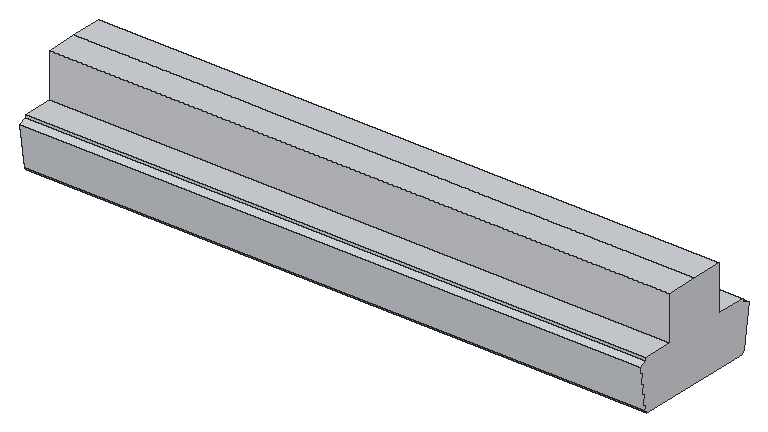
Revit family "KB d=200_Precast-Console Beam_Spæncom", category Structural Framing, Revit 2014
Parameters (values of type "KB38/18")
  Width (bjælkekroppen) = 250 mm  # constant formula
  Structural Material [instance] = none
  Model = "KB 38/18"
  Manufacturer = "Spæncom"
  Length [instance] = 3000 mm
  Height element = 380 mm
  Height (bjælkekroppen) = 180 mm
  Height console = 200 mm  # constant formula
  Width console = 150 mm  # constant formula
  Keynote = ""
  Base width = 500 mm  # constant formula
Types (9, lengths in mm): name | Model | Height element | Height (bjælkekroppen)
  KB38/18 | "KB 38/18" | 380 | 180
  KB42/22 | "KB 42/22" | 420 | 220
  KB47/27 | "KB 47/27" | 470 | 270
  KB52/32 | "KB 52/32" | 520 | 320
  KB57/37 | "KB 57/37" | 570 | 370
  KB50/30 | "KB 50/30" | 500 | 300
  KB60/40 | "KB 60/40" | 600 | 400
  KB70/50 | "KB 70/50" | 700 | 500
  KB80/60 | "KB 80/60" | 800 | 600
Reference planes
  plane 1 "Center (Front/Back)": y = 0
  plane 2 "Center Elevation": z = 0
  plane 3 "Center (Left/Right)": x = 0
  plane 4 "Left": x = -1500
  plane 5 "Member Left": x = -1250
  plane 6 "Stick Symbol Left": x = -1000
  plane 7 "Right": x = 1500
  plane 8 "Member Right": x = 1250
  plane 9 "Stick Symbol Right": x = 1000
  plane 10: z = 0
  plane 11: y = 125
  plane 12: y = -125
  plane 13: z = 200
  plane 14: through (0, 275, 200) normal (0, -0.9923, 0.124)
  plane 15: through (0, -275, 200) normal (0, -0.9923, -0.124)
  plane 16: y = 250
  plane 17: y = -250
  plane 18: y = 125
  plane 19: y = -125
  plane 20: z = 200
  plane 21: through (0, -251.24, 9.923) normal (0, 0.9923, 0.124)
  plane 22: through (0, 271.875, 175) normal (0, -0.9923, 0.124)
Forms (mm)
  Extrusion 1, solid, material <- "Structural Material"
    sketch origin (0, 0, 150) x (0, 1, 0) y (0, 0, 1)
      loop
        line (240, -150) -> (251.24, -140.077) -> (271.875, 25) -> (245, 40) -> (245, 50) -> (125, 50) -> (125, 230) -> (0, 230) -> (-125, 230) -> (-125, 50) -> (-245, 50) -> (-245, 40) -> (-271.875, 25) -> (-251.24, -140.077) -> (-240, -150) -> (240, -150)
    from -1250 to 1250
Dimensions and locks
  equal spacing: plane 4 "Left", plane 3 "Center (Left/Right)", plane 7 "Right"
  "Length": plane 4 "Left" to plane 7 "Right"
  Extrusion 1 sketch curve to Extrusion 1 sketch curve = 250 mm
  "Height console": Extrusion 1 to Extrusion 1
  "Height (bjælkekroppen)": Extrusion 1 to Extrusion 1
  "Width (bjælkekroppen)": Extrusion 1 to Extrusion 1
  "Width console": plane 22 to Extrusion 1
  "Width console": Extrusion 1 to plane 21
  "Base width": plane 22 to plane 21
  locked: plane 14 to Extrusion 1 sketch curve at 30
  locked: Extrusion 1 sketch curve to plane 20 at 30
  aligned and locked: plane 5 "Member Left" to Extrusion 1
  aligned and locked: Extrusion 1 to plane 8 "Member Right"
  aligned and locked: level to plane 2 "Center Elevation"
  aligned and locked: Extrusion 1 to level
Automatic sketch dimensions
  plane 15 to Extrusion 1 sketch curve = 0 mm  (x2)
  Extrusion 1 sketch curve to plane 13 = 0 mm  (x2)
  Extrusion 1 sketch curve to level = 0 mm
  Extrusion 1 sketch curve to plane 12 = 0 mm
  Extrusion 1 sketch curve to plane 1 "Center (Front/Back)" = 0 mm
  Extrusion 1 sketch curve to plane 11 = 0 mm
  Extrusion 1 sketch curve to plane 14 = 0 mm  (x2)
  Extrusion 1 sketch curve to plane 17 = 10 mm
  plane 17 to Extrusion 1 sketch curve = 1.24 mm
  plane 16 to Extrusion 1 sketch curve = 10 mm
  Extrusion 1 sketch curve to plane 16 = 1.24 mm
  Extrusion 1 sketch curve to plane 16 = 21.875 mm
  Extrusion 1 sketch curve to Extrusion 1 sketch curve = 10 mm  (x2)
  plane 13 to Extrusion 1 sketch curve = 180 mm
  plane 17 to Extrusion 1 sketch curve = 21.875 mm
